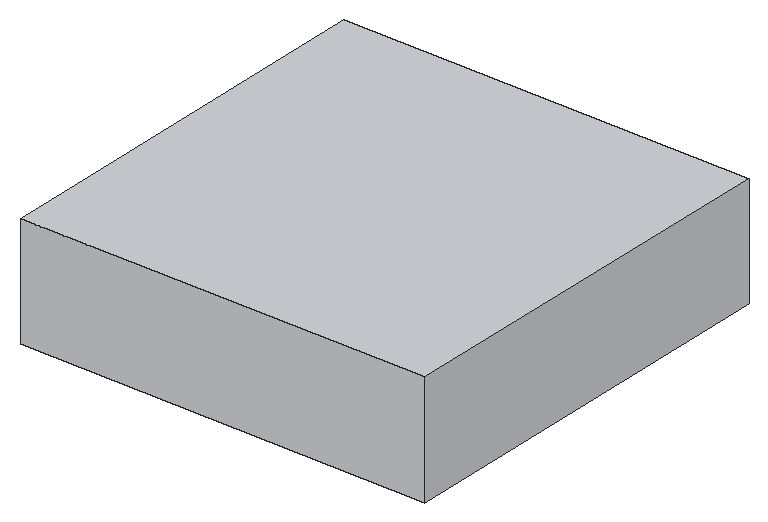
Revit family "Dummy", category Generic Models, Revit 2022
Family settings
  Can host rebar = No
  Round Connector Dimension = Use Diameter
  Part Type = Normal
  Work Plane-Based = Yes
  Always vertical = No
  Cut with Voids When Loaded = No
  Maintain Annotation Orientation = No
  Shared = No
  Room Calculation Point = No
Parameters
  Default Elevation = 1219.2 mm
Reference planes
  plane 1 "Center (Front/Back)": y = 0
  plane 2: z = 0
  plane 3 "Center (Left/Right)": x = 0
Forms (mm)
  Extrusion 1, solid
    sketch origin (0, 0, 0) x (1, 0, 0) y (0, 1, 0)
      loop
        line (-401.194, 0) -> (-401.194, -900) -> (498.806, -900) -> (498.806, 0) -> (-401.194, 0)
    from 0 to 250
Dimensions and locks
  aligned and locked: level to plane 2
